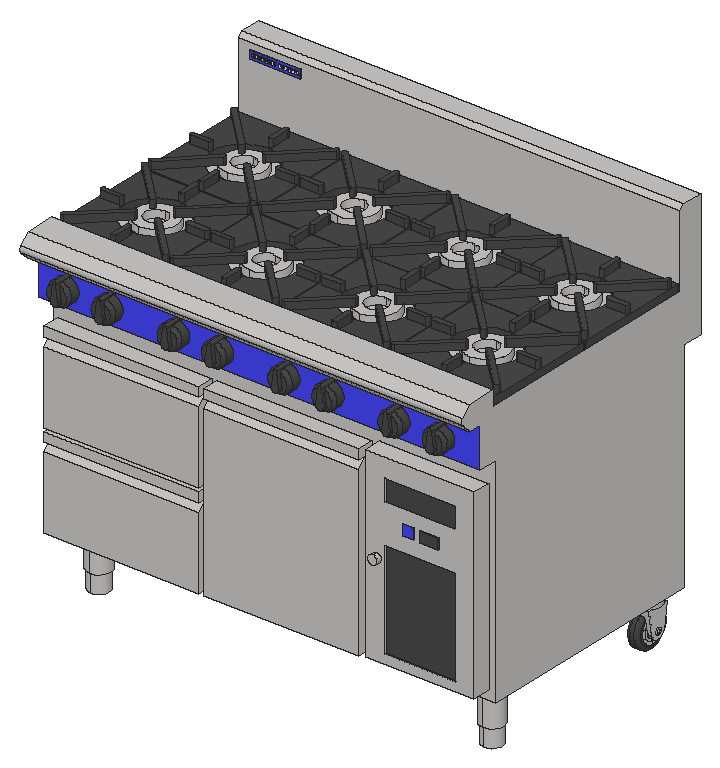
Revit family "QF_MOFFAT_BLUESEAL_CE_G518D-RB", category Specialty Equipment, Revit 2012 (continued)
Definition of nested family "GAS BURNER 1200"
  Lines and regions (mm)
    symbolic lines
      curve 6: spline (241.898, -160.1, 0) -> (240.604, -160.318, 0) -> (239.398, -160.957, 0) -> (238.362, -161.975, 0) -> (237.568, -163.3, 0) -> (237.068, -164.844, 0) -> (236.898, -166.5, 0) -> (237.068, -168.156, 0) -> (237.568, -169.7, 0) -> (238.362, -171.025, 0) -> (239.398, -172.043, 0) -> (240.604, -172.682, 0) -> (241.898, -172.9, 0)
      curve 7: line (241.898, -172.9, 0) -> (291.102, -172.9, 0)
      curve 8: spline (291.102, -172.9, 0) -> (292.396, -172.682, 0) -> (293.602, -172.043, 0) -> (294.638, -171.025, 0) -> (295.432, -169.7, 0) -> (295.932, -168.156, 0) -> (296.102, -166.5, 0) -> (295.932, -164.844, 0) -> (295.432, -163.3, 0) -> (294.638, -161.975, 0) -> (293.602, -160.957, 0) -> (292.396, -160.318, 0) -> (291.102, -160.1, 0)
      curve 9: line (306.102, -31.653, 0) -> (414.025, -139.576, 0)
      curve 10: spline (414.025, -139.576, 0) -> (415.095, -140.337, 0) -> (416.399, -140.738, 0) -> (417.851, -140.751, 0) -> (419.35, -140.375, 0) -> (420.795, -139.637, 0) -> (422.086, -138.586, 0) -> (423.137, -137.295, 0) -> (423.875, -135.85, 0) -> (424.251, -134.351, 0) -> (424.238, -132.899, 0) -> (423.837, -131.595, 0) -> (423.076, -130.525, 0)
      curve 11: line (423.076, -130.525, 0) -> (315.153, -22.602, 0)
      curve 12: spline (315.153, -22.602, 0) -> (314.084, -21.841, 0) -> (312.779, -21.441, 0) -> (311.328, -21.428, 0) -> (309.829, -21.803, 0) -> (308.384, -22.541, 0) -> (307.092, -23.592, 0) -> (306.041, -24.884, 0) -> (305.303, -26.329, 0) -> (304.928, -27.828, 0) -> (304.941, -29.279, 0) -> (305.341, -30.584, 0) -> (306.102, -31.653, 0)
      curve 13: line (443.6, -25.398, 0) -> (443.6, -74.602, 0)
      curve 14: spline (443.6, -74.602, 0) -> (443.818, -75.896, 0) -> (444.457, -77.102, 0) -> (445.475, -78.138, 0) -> (446.8, -78.932, 0) -> (448.344, -79.432, 0) -> (450, -79.602, 0) -> (451.656, -79.432, 0) -> (453.2, -78.932, 0) -> (454.525, -78.138, 0) -> (455.543, -77.102, 0) -> (456.182, -75.896, 0) -> (456.4, -74.602, 0)
      curve 15: line (456.4, -74.602, 0) -> (456.4, -25.398, 0)
      curve 16: spline (456.4, -25.398, 0) -> (456.182, -24.104, 0) -> (455.543, -22.898, 0) -> (454.525, -21.862, 0) -> (453.2, -21.068, 0) -> (451.656, -20.568, 0) -> (450, -20.398, 0) -> (448.344, -20.568, 0) -> (446.8, -21.068, 0) -> (445.475, -21.862, 0) -> (444.457, -22.898, 0) -> (443.818, -24.104, 0) -> (443.6, -25.398, 0)
      curve 17: line (584.847, -22.602, 0) -> (476.924, -130.525, 0)
      curve 18: spline (476.924, -130.525, 0) -> (476.163, -131.595, 0) -> (475.762, -132.899, 0) -> (475.749, -134.351, 0) -> (476.125, -135.85, 0) -> (476.863, -137.295, 0) -> (477.914, -138.586, 0) -> (479.205, -139.637, 0) -> (480.65, -140.375, 0) -> (482.149, -140.751, 0) -> (483.601, -140.738, 0) -> (484.905, -140.337, 0) -> (485.975, -139.576, 0)
      curve 19: line (485.975, -139.576, 0) -> (593.898, -31.653, 0)
      curve 20: spline (593.898, -31.653, 0) -> (594.819, -30.424, 0) -> (595.369, -28.97, 0) -> (595.51, -27.39, 0) -> (595.233, -25.792, 0) -> (594.557, -24.286, 0) -> (593.527, -22.973, 0) -> (592.214, -21.943, 0) -> (590.708, -21.267, 0) -> (589.11, -20.99, 0) -> (587.53, -21.131, 0) -> (586.076, -21.681, 0) -> (584.847, -22.602, 0)
      curve 21: line (591.102, -160.1, 0) -> (541.898, -160.1, 0)
      curve 22: spline (541.898, -160.1, 0) -> (540.604, -160.318, 0) -> (539.398, -160.957, 0) -> (538.362, -161.975, 0) -> (537.568, -163.3, 0) -> (537.068, -164.844, 0) -> (536.898, -166.5, 0) -> (537.068, -168.156, 0) -> (537.568, -169.7, 0) -> (538.362, -171.025, 0) -> (539.398, -172.043, 0) -> (540.604, -172.682, 0) -> (541.898, -172.9, 0)
      curve 23: line (541.898, -172.9, 0) -> (591.102, -172.9, 0)
      curve 24: spline (591.102, -172.9, 0) -> (592.396, -172.682, 0) -> (593.602, -172.043, 0) -> (594.638, -171.025, 0) -> (595.432, -169.7, 0) -> (595.932, -168.156, 0) -> (596.102, -166.5, 0) -> (595.932, -164.844, 0) -> (595.432, -163.3, 0) -> (594.638, -161.975, 0) -> (593.602, -160.957, 0) -> (592.396, -160.318, 0) -> (591.102, -160.1, 0)
      curve 25: line (593.898, -304.847, 0) -> (485.975, -193.424, 0)
      curve 26: spline (485.975, -193.424, 0) -> (484.905, -192.663, 0) -> (483.601, -192.262, 0) -> (482.149, -192.249, 0) -> (480.65, -192.625, 0) -> (479.205, -193.363, 0) -> (477.914, -194.414, 0) -> (476.863, -195.705, 0) -> (476.125, -197.15, 0) -> (475.749, -198.649, 0) -> (475.762, -200.101, 0) -> (476.163, -201.405, 0) -> (476.924, -202.475, 0)
      curve 27: line (476.924, -202.475, 0) -> (584.847, -313.898, 0)
      curve 28: spline (584.847, -313.898, 0) -> (585.916, -314.659, 0) -> (587.221, -315.059, 0) -> (588.672, -315.072, 0) -> (590.171, -314.697, 0) -> (591.616, -313.959, 0) -> (592.908, -312.908, 0) -> (593.959, -311.616, 0) -> (594.697, -310.171, 0) -> (595.072, -308.672, 0) -> (595.059, -307.221, 0) -> (594.659, -305.916, 0) -> (593.898, -304.847, 0)
      curve 29: arc (450, -223.5, 0) -> (468.725, -220.336, 0) -> (485.372, -211.197, 0) r 57
      curve 30: arc (450, -109.5, 0) -> (431.183, -112.696, 0) -> (414.475, -121.924, 0) r 57
      curve 31: arc (450.009, -84.418, 0) -> (478.534, -89.404, 0) -> (503.676, -103.773, 0) r 84.082
      curve 32: arc (450.009, -252.582, 0) -> (420.453, -247.216, 0) -> (394.669, -231.803, 0) r 84.082
      curve 33: arc (450, -136.5, 0) -> (480, -166.5, 0) -> (450, -196.5, 0) r 30
      curve 34: arc (450, -196.5, 0) -> (420, -166.5, 0) -> (450, -136.5, 0) r 30
      curve 35: arc (150, -223.5, 0) -> (168.725, -220.336, 0) -> (185.372, -211.197, 0) r 57
      curve 36: arc (150, -109.5, 0) -> (131.183, -112.696, 0) -> (114.475, -121.924, 0) r 57
      curve 37: arc (149.991, -84.418, 0) -> (178.523, -89.406, 0) -> (203.668, -103.781, 0) r 84.082
      curve 38: arc (149.991, -252.582, 0) -> (120.441, -247.219, 0) -> (94.661, -231.812, 0) r 84.082
      curve 39: line (156.4, -74.602, 0) -> (156.4, -25.398, 0)
      curve 40: spline (156.4, -25.398, 0) -> (156.182, -24.104, 0) -> (155.543, -22.898, 0) -> (154.525, -21.862, 0) -> (153.2, -21.068, 0) -> (151.656, -20.568, 0) -> (150, -20.398, 0) -> (148.344, -20.568, 0) -> (146.8, -21.068, 0) -> (145.475, -21.862, 0) -> (144.457, -22.898, 0) -> (143.818, -24.104, 0) -> (143.6, -25.398, 0)
      curve 41: line (143.6, -25.398, 0) -> (143.6, -74.602, 0)
      curve 42: spline (143.6, -74.602, 0) -> (143.818, -75.896, 0) -> (144.457, -77.102, 0) -> (145.475, -78.138, 0) -> (146.8, -78.932, 0) -> (148.344, -79.432, 0) -> (150, -79.602, 0) -> (151.656, -79.432, 0) -> (153.2, -78.932, 0) -> (154.525, -78.138, 0) -> (155.543, -77.102, 0) -> (156.182, -75.896, 0) -> (156.4, -74.602, 0)
      curve 43: line (358.102, -160.1, 0) -> (308.898, -160.1, 0)
      curve 44: spline (308.898, -160.1, 0) -> (307.604, -160.318, 0) -> (306.398, -160.957, 0) -> (305.362, -161.975, 0) -> (304.568, -163.3, 0) -> (304.068, -164.844, 0) -> (303.898, -166.5, 0) -> (304.068, -168.156, 0) -> (304.568, -169.7, 0) -> (305.362, -171.025, 0) -> (306.398, -172.043, 0) -> (307.604, -172.682, 0) -> (308.898, -172.9, 0)
      curve 45: line (308.898, -172.9, 0) -> (358.102, -172.9, 0)
      curve 46: spline (358.102, -172.9, 0) -> (359.396, -172.682, 0) -> (360.602, -172.043, 0) -> (361.638, -171.025, 0) -> (362.432, -169.7, 0) -> (362.932, -168.156, 0) -> (363.102, -166.5, 0) -> (362.932, -164.844, 0) -> (362.432, -163.3, 0) -> (361.638, -161.975, 0) -> (360.602, -160.957, 0) -> (359.396, -160.318, 0) -> (358.102, -160.1, 0)
      curve 47: line (414.025, -193.424, 0) -> (306.102, -304.847, 0)
      curve 48: spline (306.102, -304.847, 0) -> (305.341, -305.916, 0) -> (304.941, -307.221, 0) -> (304.928, -308.672, 0) -> (305.303, -310.171, 0) -> (306.041, -311.616, 0) -> (307.092, -312.908, 0) -> (308.384, -313.959, 0) -> (309.829, -314.697, 0) -> (311.328, -315.072, 0) -> (312.779, -315.059, 0) -> (314.084, -314.659, 0) -> (315.153, -313.898, 0)
      curve 49: line (315.153, -313.898, 0) -> (423.076, -202.475, 0)
      curve 50: spline (423.076, -202.475, 0) -> (423.837, -201.405, 0) -> (424.238, -200.101, 0) -> (424.251, -198.649, 0) -> (423.875, -197.15, 0) -> (423.137, -195.705, 0) -> (422.086, -194.414, 0) -> (420.795, -193.363, 0) -> (419.35, -192.625, 0) -> (417.851, -192.249, 0) -> (416.399, -192.262, 0) -> (415.095, -192.663, 0) -> (414.025, -193.424, 0)
      curve 51: line (456.4, -311.102, 0) -> (456.4, -261.898, 0)
      curve 52: spline (456.4, -261.898, 0) -> (456.182, -260.604, 0) -> (455.543, -259.398, 0) -> (454.525, -258.362, 0) -> (453.2, -257.568, 0) -> (451.656, -257.068, 0) -> (450, -256.898, 0) -> (448.344, -257.068, 0) -> (446.8, -257.568, 0) -> (445.475, -258.362, 0) -> (444.457, -259.398, 0) -> (443.818, -260.604, 0) -> (443.6, -261.898, 0)
      curve 53: line (443.6, -261.898, 0) -> (443.6, -311.102, 0)
      curve 54: spline (443.6, -311.102, 0) -> (443.818, -312.396, 0) -> (444.457, -313.602, 0) -> (445.475, -314.638, 0) -> (446.8, -315.432, 0) -> (448.344, -315.932, 0) -> (450, -316.102, 0) -> (451.656, -315.932, 0) -> (453.2, -315.432, 0) -> (454.525, -314.638, 0) -> (455.543, -313.602, 0) -> (456.182, -312.396, 0) -> (456.4, -311.102, 0)
      curve 55: line (596, 0, 0) -> (304, 0, 0)
      curve 56: arc (304, 0, 0) -> (301.879, -0.879, 0) -> (301, -3, 0) r 3
      curve 57: line (301, -3, 0) -> (301, -315.5, 0)
      curve 58: arc (301, -315.5, 0) -> (301.879, -317.621, 0) -> (304, -318.5, 0) r 3
      curve 59: line (304, -318.5, 0) -> (596, -318.5, 0)
      curve 60: arc (596, -318.5, 0) -> (598.121, -317.621, 0) -> (599, -315.5, 0) r 3
      curve 61: line (599, -315.5, 0) -> (599, -3, 0)
      curve 62: arc (599, -3, 0) -> (598.121, -0.879, 0) -> (596, 0, 0) r 3
      curve 63: line (296, 0, 0) -> (4, 0, 0)
      curve 64: arc (4, 0, 0) -> (1.879, -0.879, 0) -> (1, -3, 0) r 3
      curve 65: line (1, -3, 0) -> (1, -315.5, 0)
      curve 66: arc (1, -315.5, 0) -> (1.879, -317.621, 0) -> (4, -318.5, 0) r 3
      curve 67: line (4, -318.5, 0) -> (296, -318.5, 0)
      curve 68: arc (296, -318.5, 0) -> (298.121, -317.621, 0) -> (299, -315.5, 0) r 3
      curve 69: line (299, -315.5, 0) -> (299, -3, 0)
      curve 70: arc (299, -3, 0) -> (298.121, -0.879, 0) -> (296, 0, 0) r 3
      curve 71: line (296, -321.5, 0) -> (4, -321.5, 0)
      curve 72: arc (4, -321.5, 0) -> (1.879, -322.379, 0) -> (1, -324.5, 0) r 3
      curve 73: line (1, -324.5, 0) -> (1, -632, 0)
      curve 74: arc (1, -632, 0) -> (1.879, -634.121, 0) -> (4, -635, 0) r 3
      curve 75: line (4, -635, 0) -> (296, -635, 0)
      curve 76: arc (296, -635, 0) -> (298.121, -634.121, 0) -> (299, -632, 0) r 3
      curve 77: line (299, -632, 0) -> (299, -324.5, 0)
      curve 78: arc (299, -324.5, 0) -> (298.121, -322.379, 0) -> (296, -321.5, 0) r 3
      curve 79: line (596, -321.5, 0) -> (304, -321.5, 0)
      curve 80: arc (304, -321.5, 0) -> (301.879, -322.379, 0) -> (301, -324.5, 0) r 3
      curve 81: line (301, -324.5, 0) -> (301, -632, 0)
      curve 82: arc (301, -632, 0) -> (301.879, -634.121, 0) -> (304, -635, 0) r 3
      curve 83: line (304, -635, 0) -> (596, -635, 0)
      curve 84: arc (596, -635, 0) -> (598.121, -634.121, 0) -> (599, -632, 0) r 3
      curve 85: line (599, -632, 0) -> (599, -324.5, 0)
      curve 86: arc (599, -324.5, 0) -> (598.121, -322.379, 0) -> (596, -321.5, 0) r 3
      curve 87: line (293.898, -304.847, 0) -> (185.975, -193.424, 0)
      curve 88: spline (185.975, -193.424, 0) -> (184.905, -192.663, 0) -> (183.601, -192.262, 0) -> (182.149, -192.249, 0) -> (180.65, -192.625, 0) -> (179.205, -193.363, 0) -> (177.914, -194.414, 0) -> (176.863, -195.705, 0) -> (176.125, -197.15, 0) -> (175.749, -198.649, 0) -> (175.762, -200.101, 0) -> (176.163, -201.405, 0) -> (176.924, -202.475, 0)
      curve 89: line (176.924, -202.475, 0) -> (284.847, -313.898, 0)
      curve 90: spline (284.847, -313.898, 0) -> (285.916, -314.659, 0) -> (287.221, -315.059, 0) -> (288.672, -315.072, 0) -> (290.171, -314.697, 0) -> (291.616, -313.959, 0) -> (292.908, -312.908, 0) -> (293.959, -311.616, 0) -> (294.697, -310.171, 0) -> (295.072, -308.672, 0) -> (295.059, -307.221, 0) -> (294.659, -305.916, 0) -> (293.898, -304.847, 0)
      curve 91: line (15.153, -313.898, 0) -> (123.076, -202.475, 0)
      curve 92: spline (123.076, -202.475, 0) -> (123.837, -201.405, 0) -> (124.238, -200.101, 0) -> (124.251, -198.649, 0) -> (123.875, -197.15, 0) -> (123.137, -195.705, 0) -> (122.086, -194.414, 0) -> (120.795, -193.363, 0) -> (119.35, -192.625, 0) -> (117.851, -192.249, 0) -> (116.399, -192.262, 0) -> (115.095, -192.663, 0) -> (114.025, -193.424, 0)
      curve 93: line (114.025, -193.424, 0) -> (6.102, -304.847, 0)
      curve 94: spline (6.102, -304.847, 0) -> (5.341, -305.916, 0) -> (4.941, -307.221, 0) -> (4.928, -308.672, 0) -> (5.303, -310.171, 0) -> (6.041, -311.616, 0) -> (7.092, -312.908, 0) -> (8.384, -313.959, 0) -> (9.829, -314.697, 0) -> (11.328, -315.072, 0) -> (12.779, -315.059, 0) -> (14.084, -314.659, 0) -> (15.153, -313.898, 0)
      curve 95: line (8.898, -172.9, 0) -> (58.102, -172.9, 0)
      curve 96: spline (58.102, -172.9, 0) -> (59.396, -172.682, 0) -> (60.602, -172.043, 0) -> (61.638, -171.025, 0) -> (62.432, -169.7, 0) -> (62.932, -168.156, 0) -> (63.102, -166.5, 0) -> (62.932, -164.844, 0) -> (62.432, -163.3, 0) -> (61.638, -161.975, 0) -> (60.602, -160.957, 0) -> (59.396, -160.318, 0) -> (58.102, -160.1, 0)
      curve 97: line (58.102, -160.1, 0) -> (8.898, -160.1, 0)
      curve 98: spline (8.898, -160.1, 0) -> (7.604, -160.318, 0) -> (6.398, -160.957, 0) -> (5.362, -161.975, 0) -> (4.568, -163.3, 0) -> (4.068, -164.844, 0) -> (3.898, -166.5, 0) -> (4.068, -168.156, 0) -> (4.568, -169.7, 0) -> (5.362, -171.025, 0) -> (6.398, -172.043, 0) -> (7.604, -172.682, 0) -> (8.898, -172.9, 0)
      curve 99: line (6.102, -31.653, 0) -> (114.025, -139.576, 0)
      curve 100: spline (114.025, -139.576, 0) -> (115.095, -140.337, 0) -> (116.399, -140.738, 0) -> (117.851, -140.751, 0) -> (119.35, -140.375, 0) -> (120.795, -139.637, 0) -> (122.086, -138.586, 0) -> (123.137, -137.295, 0) -> (123.875, -135.85, 0) -> (124.251, -134.351, 0) -> (124.238, -132.899, 0) -> (123.837, -131.595, 0) -> (123.076, -130.525, 0)
      curve 101: line (123.076, -130.525, 0) -> (15.153, -22.602, 0)
      curve 102: spline (15.153, -22.602, 0) -> (13.924, -21.681, 0) -> (12.47, -21.131, 0) -> (10.89, -20.99, 0) -> (9.292, -21.267, 0) -> (7.786, -21.943, 0) -> (6.473, -22.973, 0) -> (5.443, -24.286, 0) -> (4.767, -25.792, 0) -> (4.49, -27.39, 0) -> (4.631, -28.97, 0) -> (5.181, -30.424, 0) -> (6.102, -31.653, 0)
      curve 103: arc (150, -136.5, 0) -> (180, -166.5, 0) -> (150, -196.5, 0) r 30
      curve 104: arc (150, -196.5, 0) -> (120, -166.5, 0) -> (150, -136.5, 0) r 30
      curve 105: line (156.4, -311.102, 0) -> (156.4, -261.898, 0)
      curve 106: spline (156.4, -261.898, 0) -> (156.182, -260.604, 0) -> (155.543, -259.398, 0) -> (154.525, -258.362, 0) -> (153.2, -257.568, 0) -> (151.656, -257.068, 0) -> (150, -256.898, 0) -> (148.344, -257.068, 0) -> (146.8, -257.568, 0) -> (145.475, -258.362, 0) -> (144.457, -259.398, 0) -> (143.818, -260.604, 0) -> (143.6, -261.898, 0)
      curve 107: line (143.6, -261.898, 0) -> (143.6, -311.102, 0)
      curve 108: spline (143.6, -311.102, 0) -> (143.818, -312.396, 0) -> (144.457, -313.602, 0) -> (145.475, -314.638, 0) -> (146.8, -315.432, 0) -> (148.344, -315.932, 0) -> (150, -316.102, 0) -> (151.656, -315.932, 0) -> (153.2, -315.432, 0) -> (154.525, -314.638, 0) -> (155.543, -313.602, 0) -> (156.182, -312.396, 0) -> (156.4, -311.102, 0)
      curve 109: line (156.4, -378.102, 0) -> (156.4, -328.898, 0)
      curve 110: spline (156.4, -328.898, 0) -> (156.182, -327.604, 0) -> (155.543, -326.398, 0) -> (154.525, -325.362, 0) -> (153.2, -324.568, 0) -> (151.656, -324.068, 0) -> (150, -323.898, 0) -> (148.344, -324.068, 0) -> (146.8, -324.568, 0) -> (145.475, -325.362, 0) -> (144.457, -326.398, 0) -> (143.818, -327.604, 0) -> (143.6, -328.898, 0)
      curve 111: line (143.6, -328.898, 0) -> (143.6, -378.102, 0)
      curve 112: spline (143.6, -378.102, 0) -> (143.818, -379.396, 0) -> (144.457, -380.602, 0) -> (145.475, -381.638, 0) -> (146.8, -382.432, 0) -> (148.344, -382.932, 0) -> (150, -383.102, 0) -> (151.656, -382.932, 0) -> (153.2, -382.432, 0) -> (154.525, -381.638, 0) -> (155.543, -380.602, 0) -> (156.182, -379.396, 0) -> (156.4, -378.102, 0)
      curve 113: line (284.847, -326.102, 0) -> (176.924, -434.025, 0)
      curve 114: spline (176.924, -434.025, 0) -> (176.163, -435.095, 0) -> (175.762, -436.399, 0) -> (175.749, -437.851, 0) -> (176.125, -439.35, 0) -> (176.863, -440.795, 0) -> (177.914, -442.086, 0) -> (179.205, -443.137, 0) -> (180.65, -443.875, 0) -> (182.149, -444.251, 0) -> (183.601, -444.238, 0) -> (184.905, -443.837, 0) -> (185.975, -443.076, 0)
      curve 115: line (185.975, -443.076, 0) -> (293.898, -335.153, 0)
      curve 116: spline (293.898, -335.153, 0) -> (294.659, -334.084, 0) -> (295.059, -332.779, 0) -> (295.072, -331.328, 0) -> (294.697, -329.829, 0) -> (293.959, -328.384, 0) -> (292.908, -327.092, 0) -> (291.616, -326.041, 0) -> (290.171, -325.303, 0) -> (288.672, -324.928, 0) -> (287.221, -324.941, 0) -> (285.916, -325.341, 0) -> (284.847, -326.102, 0)
      curve 117: line (123.076, -434.025, 0) -> (15.153, -326.102, 0)
      curve 118: spline (15.153, -326.102, 0) -> (13.924, -325.181, 0) -> (12.47, -324.631, 0) -> (10.89, -324.49, 0) -> (9.292, -324.767, 0) -> (7.786, -325.443, 0) -> (6.473, -326.473, 0) -> (5.443, -327.786, 0) -> (4.767, -329.292, 0) -> (4.49, -330.89, 0) -> (4.631, -332.47, 0) -> (5.181, -333.924, 0) -> (6.102, -335.153, 0)
      curve 119: line (6.102, -335.153, 0) -> (114.025, -443.076, 0)
      curve 120: spline (114.025, -443.076, 0) -> (115.095, -443.837, 0) -> (116.399, -444.238, 0) -> (117.851, -444.251, 0) -> (119.35, -443.875, 0) -> (120.795, -443.137, 0) -> (122.086, -442.086, 0) -> (123.137, -440.795, 0) -> (123.875, -439.35, 0) -> (124.251, -437.851, 0) -> (124.238, -436.399, 0) -> (123.837, -435.095, 0) -> (123.076, -434.025, 0)
      curve 121: line (58.102, -463.6, 0) -> (8.898, -463.6, 0)
      curve 122: spline (8.898, -463.6, 0) -> (7.604, -463.818, 0) -> (6.398, -464.457, 0) -> (5.362, -465.475, 0) -> (4.568, -466.8, 0) -> (4.068, -468.344, 0) -> (3.898, -470, 0) -> (4.068, -471.656, 0) -> (4.568, -473.2, 0) -> (5.362, -474.525, 0) -> (6.398, -475.543, 0) -> (7.604, -476.182, 0) -> (8.898, -476.4, 0)
      curve 123: line (8.898, -476.4, 0) -> (58.102, -476.4, 0)
      curve 124: spline (58.102, -476.4, 0) -> (59.396, -476.182, 0) -> (60.602, -475.543, 0) -> (61.638, -474.525, 0) -> (62.432, -473.2, 0) -> (62.932, -471.656, 0) -> (63.102, -470, 0) -> (62.932, -468.344, 0) -> (62.432, -466.8, 0) -> (61.638, -465.475, 0) -> (60.602, -464.457, 0) -> (59.396, -463.818, 0) -> (58.102, -463.6, 0)
      curve 125: line (114.025, -496.924, 0) -> (6.102, -603.347, 0)
      curve 126: spline (6.102, -603.347, 0) -> (5.341, -604.416, 0) -> (4.941, -605.721, 0) -> (4.928, -607.172, 0) -> (5.303, -608.671, 0) -> (6.041, -610.116, 0) -> (7.092, -611.408, 0) -> (8.384, -612.459, 0) -> (9.829, -613.197, 0) -> (11.328, -613.572, 0) -> (12.779, -613.559, 0) -> (14.084, -613.159, 0) -> (15.153, -612.398, 0)
      curve 127: line (15.153, -612.398, 0) -> (123.076, -505.975, 0)
      curve 128: spline (123.076, -505.975, 0) -> (123.837, -504.905, 0) -> (124.238, -503.601, 0) -> (124.251, -502.149, 0) -> (123.875, -500.65, 0) -> (123.137, -499.205, 0) -> (122.086, -497.914, 0) -> (120.795, -496.863, 0) -> (119.35, -496.125, 0) -> (117.851, -495.749, 0) -> (116.399, -495.762, 0) -> (115.095, -496.163, 0) -> (114.025, -496.924, 0)
      curve 129: line (156.4, -609.602, 0) -> (156.4, -561.898, 0)
      curve 130: spline (156.4, -561.898, 0) -> (156.182, -560.604, 0) -> (155.543, -559.398, 0) -> (154.525, -558.362, 0) -> (153.2, -557.568, 0) -> (151.656, -557.068, 0) -> (150, -556.898, 0) -> (148.344, -557.068, 0) -> (146.8, -557.568, 0) -> (145.475, -558.362, 0) -> (144.457, -559.398, 0) -> (143.818, -560.604, 0) -> (143.6, -561.898, 0)
      curve 131: line (143.6, -561.898, 0) -> (143.6, -609.602, 0)
      curve 132: spline (143.6, -609.602, 0) -> (143.818, -610.896, 0) -> (144.457, -612.102, 0) -> (145.475, -613.138, 0) -> (146.8, -613.932, 0) -> (148.344, -614.432, 0) -> (150, -614.602, 0) -> (151.656, -614.432, 0) -> (153.2, -613.932, 0) -> (154.525, -613.138, 0) -> (155.543, -612.102, 0) -> (156.182, -610.896, 0) -> (156.4, -609.602, 0)
      curve 133: line (176.924, -505.975, 0) -> (284.847, -612.398, 0)
      curve 134: spline (284.847, -612.398, 0) -> (285.916, -613.159, 0) -> (287.221, -613.559, 0) -> (288.672, -613.572, 0) -> (290.171, -613.197, 0) -> (291.616, -612.459, 0) -> (292.908, -611.408, 0) -> (293.959, -610.116, 0) -> (294.697, -608.671, 0) -> (295.072, -607.172, 0) -> (295.059, -605.721, 0) -> (294.659, -604.416, 0) -> (293.898, -603.347, 0)
      curve 135: line (293.898, -603.347, 0) -> (185.975, -496.924, 0)
      curve 136: spline (185.975, -496.924, 0) -> (184.905, -496.163, 0) -> (183.601, -495.762, 0) -> (182.149, -495.749, 0) -> (180.65, -496.125, 0) -> (179.205, -496.863, 0) -> (177.914, -497.914, 0) -> (176.863, -499.205, 0) -> (176.125, -500.65, 0) -> (175.749, -502.149, 0) -> (175.762, -503.601, 0) -> (176.163, -504.905, 0) -> (176.924, -505.975, 0)
      curve 137: arc (149.991, -384.418, 0) -> (179.687, -389.836, 0) -> (205.556, -405.393, 0) r 84.082
      curve 138: arc (149.991, -552.582, 0) -> (121.173, -547.489, 0) -> (95.845, -532.827, 0) r 84.082
      curve 139: arc (150, -523.5, 0) -> (167.666, -520.693, 0) -> (183.592, -512.55, 0) r 57
      curve 140: arc (150, -409.5, 0) -> (130.014, -413.119, 0) -> (112.566, -423.515, 0) r 57
      curve 141: arc (150, -436.5, 0) -> (180, -466.5, 0) -> (150, -496.5, 0) r 30
      curve 142: arc (150, -496.5, 0) -> (120, -466.5, 0) -> (150, -436.5, 0) r 30
      curve 143: line (291.102, -463.6, 0) -> (241.898, -463.6, 0)
      curve 144: spline (241.898, -463.6, 0) -> (240.604, -463.818, 0) -> (239.398, -464.457, 0) -> (238.362, -465.475, 0) -> (237.568, -466.8, 0) -> (237.068, -468.344, 0) -> (236.898, -470, 0) -> (237.068, -471.656, 0) -> (237.568, -473.2, 0) -> (238.362, -474.525, 0) -> (239.398, -475.543, 0) -> (240.604, -476.182, 0) -> (241.898, -476.4, 0)
      curve 145: line (241.898, -476.4, 0) -> (291.102, -476.4, 0)
      curve 146: spline (291.102, -476.4, 0) -> (292.396, -476.182, 0) -> (293.602, -475.543, 0) -> (294.638, -474.525, 0) -> (295.432, -473.2, 0) -> (295.932, -471.656, 0) -> (296.102, -470, 0) -> (295.932, -468.344, 0) -> (295.432, -466.8, 0) -> (294.638, -465.475, 0) -> (293.602, -464.457, 0) -> (292.396, -463.818, 0) -> (291.102, -463.6, 0)
      curve 147: line (423.076, -434.025, 0) -> (315.153, -326.102, 0)
      curve 148: spline (315.153, -326.102, 0) -> (314.084, -325.341, 0) -> (312.779, -324.941, 0) -> (311.328, -324.928, 0) -> (309.829, -325.303, 0) -> (308.384, -326.041, 0) -> (307.092, -327.092, 0) -> (306.041, -328.384, 0) -> (305.303, -329.829, 0) -> (304.928, -331.328, 0) -> (304.941, -332.779, 0) -> (305.341, -334.084, 0) -> (306.102, -335.153, 0)
      curve 149: line (306.102, -335.153, 0) -> (414.025, -443.076, 0)
      curve 150: spline (414.025, -443.076, 0) -> (415.095, -443.837, 0) -> (416.399, -444.238, 0) -> (417.851, -444.251, 0) -> (419.35, -443.875, 0) -> (420.795, -443.137, 0) -> (422.086, -442.086, 0) -> (423.137, -440.795, 0) -> (423.875, -439.35, 0) -> (424.251, -437.851, 0) -> (424.238, -436.399, 0) -> (423.837, -435.095, 0) -> (423.076, -434.025, 0)
      curve 151: line (443.6, -328.898, 0) -> (443.6, -378.102, 0)
      curve 152: spline (443.6, -378.102, 0) -> (443.818, -379.396, 0) -> (444.457, -380.602, 0) -> (445.475, -381.638, 0) -> (446.8, -382.432, 0) -> (448.344, -382.932, 0) -> (450, -383.102, 0) -> (451.656, -382.932, 0) -> (453.2, -382.432, 0) -> (454.525, -381.638, 0) -> (455.543, -380.602, 0) -> (456.182, -379.396, 0) -> (456.4, -378.102, 0)
      curve 153: line (456.4, -378.102, 0) -> (456.4, -328.898, 0)
      curve 154: spline (456.4, -328.898, 0) -> (456.182, -327.604, 0) -> (455.543, -326.398, 0) -> (454.525, -325.362, 0) -> (453.2, -324.568, 0) -> (451.656, -324.068, 0) -> (450, -323.898, 0) -> (448.344, -324.068, 0) -> (446.8, -324.568, 0) -> (445.475, -325.362, 0) -> (444.457, -326.398, 0) -> (443.818, -327.604, 0) -> (443.6, -328.898, 0)
      curve 155: line (584.847, -326.102, 0) -> (476.924, -434.025, 0)
      curve 156: spline (476.924, -434.025, 0) -> (476.163, -435.095, 0) -> (475.762, -436.399, 0) -> (475.749, -437.851, 0) -> (476.125, -439.35, 0) -> (476.863, -440.795, 0) -> (477.914, -442.086, 0) -> (479.205, -443.137, 0) -> (480.65, -443.875, 0) -> (482.149, -444.251, 0) -> (483.601, -444.238, 0) -> (484.905, -443.837, 0) -> (485.975, -443.076, 0)
      curve 157: line (485.975, -443.076, 0) -> (593.898, -335.153, 0)
      curve 158: spline (593.898, -335.153, 0) -> (594.819, -333.924, 0) -> (595.369, -332.47, 0) -> (595.51, -330.89, 0) -> (595.233, -329.292, 0) -> (594.557, -327.786, 0) -> (593.527, -326.473, 0) -> (592.214, -325.443, 0) -> (590.708, -324.767, 0) -> (589.11, -324.49, 0) -> (587.53, -324.631, 0) -> (586.076, -325.181, 0) -> (584.847, -326.102, 0)
      curve 159: line (591.102, -463.6, 0) -> (541.898, -463.6, 0)
      curve 160: spline (541.898, -463.6, 0) -> (540.604, -463.818, 0) -> (539.398, -464.457, 0) -> (538.362, -465.475, 0) -> (537.568, -466.8, 0) -> (537.068, -468.344, 0) -> (536.898, -470, 0) -> (537.068, -471.656, 0) -> (537.568, -473.2, 0) -> (538.362, -474.525, 0) -> (539.398, -475.543, 0) -> (540.604, -476.182, 0) -> (541.898, -476.4, 0)
      curve 161: line (541.898, -476.4, 0) -> (591.102, -476.4, 0)
      curve 162: spline (591.102, -476.4, 0) -> (592.396, -476.182, 0) -> (593.602, -475.543, 0) -> (594.638, -474.525, 0) -> (595.432, -473.2, 0) -> (595.932, -471.656, 0) -> (596.102, -470, 0) -> (595.932, -468.344, 0) -> (595.432, -466.8, 0) -> (594.638, -465.475, 0) -> (593.602, -464.457, 0) -> (592.396, -463.818, 0) -> (591.102, -463.6, 0)
      curve 163: line (593.898, -603.347, 0) -> (485.975, -496.924, 0)
      curve 164: spline (485.975, -496.924, 0) -> (484.905, -496.163, 0) -> (483.601, -495.762, 0) -> (482.149, -495.749, 0) -> (480.65, -496.125, 0) -> (479.205, -496.863, 0) -> (477.914, -497.914, 0) -> (476.863, -499.205, 0) -> (476.125, -500.65, 0) -> (475.749, -502.149, 0) -> (475.762, -503.601, 0) -> (476.163, -504.905, 0) -> (476.924, -505.975, 0)
      curve 165: line (476.924, -505.975, 0) -> (584.847, -612.398, 0)
      curve 166: spline (584.847, -612.398, 0) -> (585.916, -613.159, 0) -> (587.221, -613.559, 0) -> (588.672, -613.572, 0) -> (590.171, -613.197, 0) -> (591.616, -612.459, 0) -> (592.908, -611.408, 0) -> (593.959, -610.116, 0) -> (594.697, -608.671, 0) -> (595.072, -607.172, 0) -> (595.059, -605.721, 0) -> (594.659, -604.416, 0) -> (593.898, -603.347, 0)
      curve 167: line (315.153, -612.398, 0) -> (423.076, -505.975, 0)
      curve 168: spline (423.076, -505.975, 0) -> (423.837, -504.905, 0) -> (424.238, -503.601, 0) -> (424.251, -502.149, 0) -> (423.875, -500.65, 0) -> (423.137, -499.205, 0) -> (422.086, -497.914, 0) -> (420.795, -496.863, 0) -> (419.35, -496.125, 0) -> (417.851, -495.749, 0) -> (416.399, -495.762, 0) -> (415.095, -496.163, 0) -> (414.025, -496.924, 0)
      curve 169: line (414.025, -496.924, 0) -> (306.102, -603.347, 0)
      curve 170: spline (306.102, -603.347, 0) -> (305.341, -604.416, 0) -> (304.941, -605.721, 0) -> (304.928, -607.172, 0) -> (305.303, -608.671, 0) -> (306.041, -610.116, 0) -> (307.092, -611.408, 0) -> (308.384, -612.459, 0) -> (309.829, -613.197, 0) -> (311.328, -613.572, 0) -> (312.779, -613.559, 0) -> (314.084, -613.159, 0) -> (315.153, -612.398, 0)
      curve 171: line (308.898, -476.4, 0) -> (358.102, -476.4, 0)
      curve 172: spline (358.102, -476.4, 0) -> (359.396, -476.182, 0) -> (360.602, -475.543, 0) -> (361.638, -474.525, 0) -> (362.432, -473.2, 0) -> (362.932, -471.656, 0) -> (363.102, -470, 0) -> (362.932, -468.344, 0) -> (362.432, -466.8, 0) -> (361.638, -465.475, 0) -> (360.602, -464.457, 0) -> (359.396, -463.818, 0) -> (358.102, -463.6, 0)
      curve 173: line (358.102, -463.6, 0) -> (308.898, -463.6, 0)
      curve 174: spline (308.898, -463.6, 0) -> (307.604, -463.818, 0) -> (306.398, -464.457, 0) -> (305.362, -465.475, 0) -> (304.568, -466.8, 0) -> (304.068, -468.344, 0) -> (303.898, -470, 0) -> (304.068, -471.656, 0) -> (304.568, -473.2, 0) -> (305.362, -474.525, 0) -> (306.398, -475.543, 0) -> (307.604, -476.182, 0) -> (308.898, -476.4, 0)
      curve 175: line (456.4, -609.602, 0) -> (456.4, -561.898, 0)
      curve 176: spline (456.4, -561.898, 0) -> (456.182, -560.604, 0) -> (455.543, -559.398, 0) -> (454.525, -558.362, 0) -> (453.2, -557.568, 0) -> (451.656, -557.068, 0) -> (450, -556.898, 0) -> (448.344, -557.068, 0) -> (446.8, -557.568, 0) -> (445.475, -558.362, 0) -> (444.457, -559.398, 0) -> (443.818, -560.604, 0) -> (443.6, -561.898, 0)
      curve 177: line (443.6, -561.898, 0) -> (443.6, -609.602, 0)
      curve 178: spline (443.6, -609.602, 0) -> (443.818, -610.896, 0) -> (444.457, -612.102, 0) -> (445.475, -613.138, 0) -> (446.8, -613.932, 0) -> (448.344, -614.432, 0) -> (450, -614.602, 0) -> (451.656, -614.432, 0) -> (453.2, -613.932, 0) -> (454.525, -613.138, 0) -> (455.543, -612.102, 0) -> (456.182, -610.896, 0) -> (456.4, -609.602, 0)
      curve 179: arc (450.009, -384.418, 0) -> (479.699, -389.834, 0) -> (505.564, -405.385, 0) r 84.082
      curve 180: arc (450.009, -552.582, 0) -> (417.885, -546.204, 0) -> (390.635, -528.036, 0) r 84.082
      curve 181: arc (450, -523.5, 0) -> (467.666, -520.693, 0) -> (483.592, -512.55, 0) r 57
      curve 182: arc (450, -409.5, 0) -> (430.014, -413.119, 0) -> (412.566, -423.515, 0) r 57
      curve 183: arc (450, -436.5, 0) -> (480, -466.5, 0) -> (450, -496.5, 0) r 30
      curve 184: arc (450, -496.5, 0) -> (420, -466.5, 0) -> (450, -436.5, 0) r 30
      curve 185: arc (96.324, -103.773, 0) -> (121.466, -89.404, 0) -> (149.991, -84.418, 0) r 84.082
      curve 186: arc (212.871, -112.68, 0) -> (234.066, -167.408, 0) -> (214.3, -222.668, 0) r 84.082
      curve 187: arc (194.454, -202.178, 0) -> (207, -166.598, 0) -> (194.576, -130.975, 0) r 57
      curve 188: arc (114.628, -211.197, 0) -> (131.275, -220.336, 0) -> (150, -223.5, 0) r 57
      curve 189: arc (405.424, -130.975, 0) -> (393, -166.598, 0) -> (405.546, -202.178, 0) r 57
      curve 190: arc (485.525, -121.924, 0) -> (468.817, -112.696, 0) -> (450, -109.5, 0) r 57
      curve 191: arc (494.454, -202.178, 0) -> (507, -166.598, 0) -> (494.576, -130.975, 0) r 57
      curve 192: arc (414.628, -211.197, 0) -> (431.275, -220.336, 0) -> (450, -223.5, 0) r 57
      curve 193: arc (105.424, -130.975, 0) -> (93, -166.598, 0) -> (105.546, -202.178, 0) r 57
      curve 194: arc (514.501, -414.55, 0) -> (534.086, -469.429, 0) -> (513.293, -523.862, 0) r 84.082
      curve 195: arc (504.155, -532.827, 0) -> (478.827, -547.489, 0) -> (450.009, -552.582, 0) r 84.082
      curve 196: arc (493.031, -503.881, 0) -> (506.947, -468.956, 0) -> (496.089, -432.962, 0) r 57
      curve 197: arc (416.408, -512.55, 0) -> (432.334, -520.693, 0) -> (450, -523.5, 0) r 57
      curve 198: arc (403.911, -432.962, 0) -> (393.053, -468.956, 0) -> (406.969, -503.881, 0) r 57
      curve 199: arc (487.434, -423.515, 0) -> (469.986, -413.119, 0) -> (450, -409.5, 0) r 57
      curve 200: arc (187.434, -423.515, 0) -> (169.986, -413.119, 0) -> (150, -409.5, 0) r 57
      curve 201: arc (103.911, -432.962, 0) -> (93.053, -468.956, 0) -> (106.969, -503.881, 0) r 57
      curve 202: arc (109.732, -506.842, 0) -> (110.614, -507.704, 0) -> (111.516, -508.547, 0) r 57
      curve 203: arc (193.031, -503.881, 0) -> (206.947, -468.956, 0) -> (196.089, -432.962, 0) r 57
      curve 204: arc (214.491, -414.56, 0) -> (234.068, -469.429, 0) -> (213.283, -523.853, 0) r 84.082
      curve 205: arc (94.436, -405.385, 0) -> (120.301, -389.834, 0) -> (149.991, -384.418, 0) r 84.082
      curve 206: arc (86.707, -523.862, 0) -> (65.914, -469.429, 0) -> (85.499, -414.55, 0) r 84.082
      curve 207: arc (116.408, -512.55, 0) -> (132.334, -520.693, 0) -> (150, -523.5, 0) r 57
      curve 208: arc (204.147, -532.819, 0) -> (178.816, -547.487, 0) -> (149.991, -552.582, 0) r 84.082
      curve 209: arc (394.444, -405.393, 0) -> (420.313, -389.836, 0) -> (450.009, -384.418, 0) r 84.082
      curve 210: arc (390.635, -528.036, 0) -> (366.012, -472.294, 0) -> (385.509, -414.56, 0) r 84.082
      curve 211: arc (185.525, -121.924, 0) -> (168.817, -112.696, 0) -> (150, -109.5, 0) r 57
      curve 212: arc (396.332, -103.781, 0) -> (421.477, -89.406, 0) -> (450.009, -84.418, 0) r 84.082
      curve 213: arc (512.881, -112.67, 0) -> (534.084, -167.408, 0) -> (514.31, -222.678, 0) r 84.082
      curve 214: arc (505.339, -231.812, 0) -> (479.559, -247.219, 0) -> (450.009, -252.582, 0) r 84.082
      curve 215: arc (385.7, -222.668, 0) -> (365.934, -167.408, 0) -> (387.129, -112.68, 0) r 84.082
      curve 216: arc (205.331, -231.803, 0) -> (179.547, -247.216, 0) -> (149.991, -252.582, 0) r 84.082
      curve 217: arc (85.69, -222.678, 0) -> (65.916, -167.408, 0) -> (87.119, -112.67, 0) r 84.082
      curve 218: spline (724.076, -130.525, 0) -> (724.837, -131.595, 0) -> (725.238, -132.899, 0) -> (725.251, -134.351, 0) -> (724.875, -135.85, 0) -> (724.137, -137.295, 0) -> (723.086, -138.586, 0) -> (721.795, -139.637, 0) -> (720.35, -140.375, 0) -> (718.851, -140.751, 0) -> (717.399, -140.738, 0) -> (716.095, -140.337, 0) -> (715.025, -139.576, 0)
      curve 219: spline (659.102, -160.1, 0) -> (660.396, -160.318, 0) -> (661.602, -160.957, 0) -> (662.638, -161.975, 0) -> (663.432, -163.3, 0) -> (663.932, -164.844, 0) -> (664.102, -166.5, 0) -> (663.932, -168.156, 0) -> (663.432, -169.7, 0) -> (662.638, -171.025, 0) -> (661.602, -172.043, 0) -> (660.396, -172.682, 0) -> (659.102, -172.9, 0)
      curve 220: arc (751, -223.5, 0) -> (732.275, -220.336, 0) -> (715.628, -211.197, 0) r 57
      curve 221: arc (751, -109.5, 0) -> (769.817, -112.696, 0) -> (786.525, -121.924, 0) r 57
      curve 222: arc (751.009, -84.418, 0) -> (722.477, -89.406, 0) -> (697.332, -103.781, 0) r 84.082
      curve 223: arc (751.009, -252.582, 0) -> (780.559, -247.219, 0) -> (806.339, -231.812, 0) r 84.082
      curve 224: line (744.6, -74.602, 0) -> (744.6, -25.398, 0)
      curve 225: spline (744.6, -25.398, 0) -> (744.818, -24.104, 0) -> (745.457, -22.898, 0) -> (746.475, -21.862, 0) -> (747.8, -21.068, 0) -> (749.344, -20.568, 0) -> (751, -20.398, 0) -> (752.656, -20.568, 0) -> (754.2, -21.068, 0) -> (755.525, -21.862, 0) -> (756.543, -22.898, 0) -> (757.182, -24.104, 0) -> (757.4, -25.398, 0)
      curve 226: line (757.4, -25.398, 0) -> (757.4, -74.602, 0)
      curve 227: spline (757.4, -74.602, 0) -> (757.182, -75.896, 0) -> (756.543, -77.102, 0) -> (755.525, -78.138, 0) -> (754.2, -78.932, 0) -> (752.656, -79.432, 0) -> (751, -79.602, 0) -> (749.344, -79.432, 0) -> (747.8, -78.932, 0) -> (746.475, -78.138, 0) -> (745.457, -77.102, 0) -> (744.818, -75.896, 0) -> (744.6, -74.602, 0)
      curve 228: arc (897, 0, 0) -> (899.121, -0.879, 0) -> (900, -3, 0) r 3
      curve 229: line (900, -3, 0) -> (900, -315.5, 0)
      curve 230: arc (900, -315.5, 0) -> (899.121, -317.621, 0) -> (897, -318.5, 0) r 3
      curve 231: arc (897, -321.5, 0) -> (899.121, -322.379, 0) -> (900, -324.5, 0) r 3
      curve 232: line (900, -324.5, 0) -> (900, -632, 0)
      curve 233: arc (900, -632, 0) -> (899.121, -634.121, 0) -> (897, -635, 0) r 3
      curve 234: spline (715.025, -193.424, 0) -> (716.095, -192.663, 0) -> (717.399, -192.262, 0) -> (718.851, -192.249, 0) -> (720.35, -192.625, 0) -> (721.795, -193.363, 0) -> (723.086, -194.414, 0) -> (724.137, -195.705, 0) -> (724.875, -197.15, 0) -> (725.251, -198.649, 0) -> (725.238, -200.101, 0) -> (724.837, -201.405, 0) -> (724.076, -202.475, 0)
      curve 235: line (885.847, -313.898, 0) -> (777.924, -202.475, 0)
      curve 236: spline (777.924, -202.475, 0) -> (777.163, -201.405, 0) -> (776.762, -200.101, 0) -> (776.749, -198.649, 0) -> (777.125, -197.15, 0) -> (777.863, -195.705, 0) -> (778.914, -194.414, 0) -> (780.205, -193.363, 0) -> (781.65, -192.625, 0) -> (783.149, -192.249, 0) -> (784.601, -192.262, 0) -> (785.905, -192.663, 0) -> (786.975, -193.424, 0)
      curve 237: line (786.975, -193.424, 0) -> (894.898, -304.847, 0)
      curve 238: spline (894.898, -304.847, 0) -> (895.659, -305.916, 0) -> (896.059, -307.221, 0) -> (896.072, -308.672, 0) -> (895.697, -310.171, 0) -> (894.959, -311.616, 0) -> (893.908, -312.908, 0) -> (892.616, -313.959, 0) -> (891.171, -314.697, 0) -> (889.672, -315.072, 0) -> (888.221, -315.059, 0) -> (886.916, -314.659, 0) -> (885.847, -313.898, 0)
      curve 239: line (892.102, -172.9, 0) -> (842.898, -172.9, 0)
      curve 240: spline (842.898, -172.9, 0) -> (841.604, -172.682, 0) -> (840.398, -172.043, 0) -> (839.362, -171.025, 0) -> (838.568, -169.7, 0) -> (838.068, -168.156, 0) -> (837.898, -166.5, 0) -> (838.068, -164.844, 0) -> (838.568, -163.3, 0) -> (839.362, -161.975, 0) -> (840.398, -160.957, 0) -> (841.604, -160.318, 0) -> (842.898, -160.1, 0)
      curve 241: line (842.898, -160.1, 0) -> (892.102, -160.1, 0)
      curve 242: spline (892.102, -160.1, 0) -> (893.396, -160.318, 0) -> (894.602, -160.957, 0) -> (895.638, -161.975, 0) -> (896.432, -163.3, 0) -> (896.932, -164.844, 0) -> (897.102, -166.5, 0) -> (896.932, -168.156, 0) -> (896.432, -169.7, 0) -> (895.638, -171.025, 0) -> (894.602, -172.043, 0) -> (893.396, -172.682, 0) -> (892.102, -172.9, 0)
      curve 243: line (894.898, -31.653, 0) -> (786.975, -139.576, 0)
      curve 244: spline (786.975, -139.576, 0) -> (785.905, -140.337, 0) -> (784.601, -140.738, 0) -> (783.149, -140.751, 0) -> (781.65, -140.375, 0) -> (780.205, -139.637, 0) -> (778.914, -138.586, 0) -> (777.863, -137.295, 0) -> (777.125, -135.85, 0) -> (776.749, -134.351, 0) -> (776.762, -132.899, 0) -> (777.163, -131.595, 0) -> (777.924, -130.525, 0)
      curve 245: line (777.924, -130.525, 0) -> (885.847, -22.602, 0)
      curve 246: spline (885.847, -22.602, 0) -> (887.076, -21.681, 0) -> (888.53, -21.131, 0) -> (890.11, -20.99, 0) -> (891.708, -21.267, 0) -> (893.214, -21.943, 0) -> (894.527, -22.973, 0) -> (895.557, -24.286, 0) -> (896.233, -25.792, 0) -> (896.51, -27.39, 0) -> (896.369, -28.97, 0) -> (895.819, -30.424, 0) -> (894.898, -31.653, 0)
      curve 247: arc (751, -136.5, 0) -> (721, -166.5, 0) -> (751, -196.5, 0) r 30
      curve 248: arc (751, -196.5, 0) -> (781, -166.5, 0) -> (751, -136.5, 0) r 30
      curve 249: line (744.6, -311.102, 0) -> (744.6, -261.898, 0)
      curve 250: spline (744.6, -261.898, 0) -> (744.818, -260.604, 0) -> (745.457, -259.398, 0) -> (746.475, -258.362, 0) -> (747.8, -257.568, 0) -> (749.344, -257.068, 0) -> (751, -256.898, 0) -> (752.656, -257.068, 0) -> (754.2, -257.568, 0) -> (755.525, -258.362, 0) -> (756.543, -259.398, 0) -> (757.182, -260.604, 0) -> (757.4, -261.898, 0)
      curve 251: line (757.4, -261.898, 0) -> (757.4, -311.102, 0)
      curve 252: spline (757.4, -311.102, 0) -> (757.182, -312.396, 0) -> (756.543, -313.602, 0) -> (755.525, -314.638, 0) -> (754.2, -315.432, 0) -> (752.656, -315.932, 0) -> (751, -316.102, 0) -> (749.344, -315.932, 0) -> (747.8, -315.432, 0) -> (746.475, -314.638, 0) -> (745.457, -313.602, 0) -> (744.818, -312.396, 0) -> (744.6, -311.102, 0)
      curve 253: line (744.6, -378.102, 0) -> (744.6, -328.898, 0)
      curve 254: spline (744.6, -328.898, 0) -> (744.818, -327.604, 0) -> (745.457, -326.398, 0) -> (746.475, -325.362, 0) -> (747.8, -324.568, 0) -> (749.344, -324.068, 0) -> (751, -323.898, 0) -> (752.656, -324.068, 0) -> (754.2, -324.568, 0) -> (755.525, -325.362, 0) -> (756.543, -326.398, 0) -> (757.182, -327.604, 0) -> (757.4, -328.898, 0)
      curve 255: line (757.4, -328.898, 0) -> (757.4, -378.102, 0)
      curve 256: spline (757.4, -378.102, 0) -> (757.182, -379.396, 0) -> (756.543, -380.602, 0) -> (755.525, -381.638, 0) -> (754.2, -382.432, 0) -> (752.656, -382.932, 0) -> (751, -383.102, 0) -> (749.344, -382.932, 0) -> (747.8, -382.432, 0) -> (746.475, -381.638, 0) -> (745.457, -380.602, 0) -> (744.818, -379.396, 0) -> (744.6, -378.102, 0)
      curve 257: spline (724.076, -434.025, 0) -> (724.837, -435.095, 0) -> (725.238, -436.399, 0) -> (725.251, -437.851, 0) -> (724.875, -439.35, 0) -> (724.137, -440.795, 0) -> (723.086, -442.086, 0) -> (721.795, -443.137, 0) -> (720.35, -443.875, 0) -> (718.851, -444.251, 0) -> (717.399, -444.238, 0) -> (716.095, -443.837, 0) -> (715.025, -443.076, 0)
      curve 258: line (777.924, -434.025, 0) -> (885.847, -326.102, 0)
      curve 259: spline (885.847, -326.102, 0) -> (887.076, -325.181, 0) -> (888.53, -324.631, 0) -> (890.11, -324.49, 0) -> (891.708, -324.767, 0) -> (893.214, -325.443, 0) -> (894.527, -326.473, 0) -> (895.557, -327.786, 0) -> (896.233, -329.292, 0) -> (896.51, -330.89, 0) -> (896.369, -332.47, 0) -> (895.819, -333.924, 0) -> (894.898, -335.153, 0)
      curve 260: line (894.898, -335.153, 0) -> (786.975, -443.076, 0)
      curve 261: spline (786.975, -443.076, 0) -> (785.905, -443.837, 0) -> (784.601, -444.238, 0) -> (783.149, -444.251, 0) -> (781.65, -443.875, 0) -> (780.205, -443.137, 0) -> (778.914, -442.086, 0) -> (777.863, -440.795, 0) -> (777.125, -439.35, 0) -> (776.749, -437.851, 0) -> (776.762, -436.399, 0) -> (777.163, -435.095, 0) -> (777.924, -434.025, 0)
      curve 262: line (842.898, -463.6, 0) -> (892.102, -463.6, 0)
      curve 263: spline (892.102, -463.6, 0) -> (893.396, -463.818, 0) -> (894.602, -464.457, 0) -> (895.638, -465.475, 0) -> (896.432, -466.8, 0) -> (896.932, -468.344, 0) -> (897.102, -470, 0) -> (896.932, -471.656, 0) -> (896.432, -473.2, 0) -> (895.638, -474.525, 0) -> (894.602, -475.543, 0) -> (893.396, -476.182, 0) -> (892.102, -476.4, 0)
      curve 264: line (892.102, -476.4, 0) -> (842.898, -476.4, 0)
      curve 265: spline (842.898, -476.4, 0) -> (841.604, -476.182, 0) -> (840.398, -475.543, 0) -> (839.362, -474.525, 0) -> (838.568, -473.2, 0) -> (838.068, -471.656, 0) -> (837.898, -470, 0) -> (838.068, -468.344, 0) -> (838.568, -466.8, 0) -> (839.362, -465.475, 0) -> (840.398, -464.457, 0) -> (841.604, -463.818, 0) -> (842.898, -463.6, 0)
      curve 266: line (786.975, -496.924, 0) -> (894.898, -603.347, 0)
      curve 267: spline (894.898, -603.347, 0) -> (895.659, -604.416, 0) -> (896.059, -605.721, 0) -> (896.072, -607.172, 0) -> (895.697, -608.671, 0) -> (894.959, -610.116, 0) -> (893.908, -611.408, 0) -> (892.616, -612.459, 0) -> (891.171, -613.197, 0) -> (889.672, -613.572, 0) -> (888.221, -613.559, 0) -> (886.916, -613.159, 0) -> (885.847, -612.398, 0)
      curve 268: line (885.847, -612.398, 0) -> (777.924, -505.975, 0)
      curve 269: spline (777.924, -505.975, 0) -> (777.163, -504.905, 0) -> (776.762, -503.601, 0) -> (776.749, -502.149, 0) -> (777.125, -500.65, 0) -> (777.863, -499.205, 0) -> (778.914, -497.914, 0) -> (780.205, -496.863, 0) -> (781.65, -496.125, 0) -> (783.149, -495.749, 0) -> (784.601, -495.762, 0) -> (785.905, -496.163, 0) -> (786.975, -496.924, 0)
      curve 270: line (744.6, -609.602, 0) -> (744.6, -561.898, 0)
      curve 271: spline (744.6, -561.898, 0) -> (744.818, -560.604, 0) -> (745.457, -559.398, 0) -> (746.475, -558.362, 0) -> (747.8, -557.568, 0) -> (749.344, -557.068, 0) -> (751, -556.898, 0) -> (752.656, -557.068, 0) -> (754.2, -557.568, 0) -> (755.525, -558.362, 0) -> (756.543, -559.398, 0) -> (757.182, -560.604, 0) -> (757.4, -561.898, 0)
      curve 272: line (757.4, -561.898, 0) -> (757.4, -609.602, 0)
      curve 273: spline (757.4, -609.602, 0) -> (757.182, -610.896, 0) -> (756.543, -612.102, 0) -> (755.525, -613.138, 0) -> (754.2, -613.932, 0) -> (752.656, -614.432, 0) -> (751, -614.602, 0) -> (749.344, -614.432, 0) -> (747.8, -613.932, 0) -> (746.475, -613.138, 0) -> (745.457, -612.102, 0) -> (744.818, -610.896, 0) -> (744.6, -609.602, 0)
      curve 274: spline (715.025, -496.924, 0) -> (716.095, -496.163, 0) -> (717.399, -495.762, 0) -> (718.851, -495.749, 0) -> (720.35, -496.125, 0) -> (721.795, -496.863, 0) -> (723.086, -497.914, 0) -> (724.137, -499.205, 0) -> (724.875, -500.65, 0) -> (725.251, -502.149, 0) -> (725.238, -503.601, 0) -> (724.837, -504.905, 0) -> (724.076, -505.975, 0)
      curve 275: arc (751.009, -384.418, 0) -> (721.313, -389.836, 0) -> (695.444, -405.393, 0) r 84.082
      curve 276: arc (751.009, -552.582, 0) -> (779.827, -547.489, 0) -> (805.155, -532.827, 0) r 84.082
      curve 277: arc (751, -523.5, 0) -> (733.334, -520.693, 0) -> (717.408, -512.55, 0) r 57
      curve 278: arc (751, -409.5, 0) -> (770.986, -413.119, 0) -> (788.434, -423.515, 0) r 57
      curve 279: arc (751, -436.5, 0) -> (721, -466.5, 0) -> (751, -496.5, 0) r 30
      curve 280: arc (751, -496.5, 0) -> (781, -466.5, 0) -> (751, -436.5, 0) r 30
      curve 281: spline (659.102, -463.6, 0) -> (660.396, -463.818, 0) -> (661.602, -464.457, 0) -> (662.638, -465.475, 0) -> (663.432, -466.8, 0) -> (663.932, -468.344, 0) -> (664.102, -470, 0) -> (663.932, -471.656, 0) -> (663.432, -473.2, 0) -> (662.638, -474.525, 0) -> (661.602, -475.543, 0) -> (660.396, -476.182, 0) -> (659.102, -476.4, 0)
      curve 282: arc (804.676, -103.773, 0) -> (779.534, -89.404, 0) -> (751.009, -84.418, 0) r 84.082
      curve 283: arc (688.129, -112.68, 0) -> (666.934, -167.408, 0) -> (686.7, -222.668, 0) r 84.082
      curve 284: arc (706.546, -202.178, 0) -> (694, -166.598, 0) -> (706.424, -130.975, 0) r 57
      curve 285: arc (786.372, -211.197, 0) -> (769.725, -220.336, 0) -> (751, -223.5, 0) r 57
      curve 286: arc (795.576, -130.975, 0) -> (808, -166.598, 0) -> (795.454, -202.178, 0) r 57
      curve 287: arc (713.566, -423.515, 0) -> (731.014, -413.119, 0) -> (751, -409.5, 0) r 57
      curve 288: arc (797.089, -432.962, 0) -> (807.947, -468.956, 0) -> (794.031, -503.881, 0) r 57
      curve 289: arc (791.268, -506.842, 0) -> (790.386, -507.704, 0) -> (789.484, -508.547, 0) r 57
      curve 290: arc (707.969, -503.881, 0) -> (694.053, -468.956, 0) -> (704.911, -432.962, 0) r 57
      curve 291: arc (686.509, -414.56, 0) -> (666.932, -469.429, 0) -> (687.717, -523.853, 0) r 84.082
      curve 292: arc (806.564, -405.385, 0) -> (780.699, -389.834, 0) -> (751.009, -384.418, 0) r 84.082
      curve 293: arc (814.293, -523.862, 0) -> (835.086, -469.429, 0) -> (815.501, -414.55, 0) r 84.082
      curve 294: arc (784.592, -512.55, 0) -> (768.666, -520.693, 0) -> (751, -523.5, 0) r 57
      curve 295: arc (696.853, -532.819, 0) -> (722.184, -547.487, 0) -> (751.009, -552.582, 0) r 84.082
      curve 296: arc (715.475, -121.924, 0) -> (732.183, -112.696, 0) -> (751, -109.5, 0) r 57
      curve 297: arc (695.669, -231.803, 0) -> (721.453, -247.216, 0) -> (751.009, -252.582, 0) r 84.082
      curve 298: arc (815.31, -222.678, 0) -> (835.084, -167.408, 0) -> (813.881, -112.67, 0) r 84.082
      curve 299: line (616.153, -612.398, 0) -> (724.076, -505.975, 0)
      curve 300: line (715.025, -496.924, 0) -> (607.102, -603.347, 0)
      curve 301: spline (607.102, -603.347, 0) -> (606.341, -604.416, 0) -> (605.941, -605.721, 0) -> (605.928, -607.172, 0) -> (606.303, -608.671, 0) -> (607.041, -610.116, 0) -> (608.092, -611.408, 0) -> (609.384, -612.459, 0) -> (610.829, -613.197, 0) -> (612.328, -613.572, 0) -> (613.779, -613.559, 0) -> (615.084, -613.159, 0) -> (616.153, -612.398, 0)
      curve 302: line (602, -324.5, 0) -> (602, -632, 0)
      curve 303: arc (602, -632, 0) -> (602.879, -634.121, 0) -> (605, -635, 0) r 3
      curve 304: line (605, -635, 0) -> (897, -635, 0)
      curve 305: arc (897, -635, 0) -> (899.121, -634.121, 0) -> (900, -632, 0) r 3
      curve 306: line (900, -632, 0) -> (900, -324.5, 0)
      curve 307: arc (900, -324.5, 0) -> (899.121, -322.379, 0) -> (897, -321.5, 0) r 3
      curve 308: line (897, -321.5, 0) -> (605, -321.5, 0)
      curve 309: arc (605, -321.5, 0) -> (602.879, -322.379, 0) -> (602, -324.5, 0) r 3
      curve 310: line (609.898, -476.4, 0) -> (659.102, -476.4, 0)
      curve 311: line (659.102, -463.6, 0) -> (609.898, -463.6, 0)
      curve 312: spline (609.898, -463.6, 0) -> (608.604, -463.818, 0) -> (607.398, -464.457, 0) -> (606.362, -465.475, 0) -> (605.568, -466.8, 0) -> (605.068, -468.344, 0) -> (604.898, -470, 0) -> (605.068, -471.656, 0) -> (605.568, -473.2, 0) -> (606.362, -474.525, 0) -> (607.398, -475.543, 0) -> (608.604, -476.182, 0) -> (609.898, -476.4, 0)
      curve 313: line (607.102, -335.153, 0) -> (715.025, -443.076, 0)
      curve 314: line (724.076, -434.025, 0) -> (616.153, -326.102, 0)
      curve 315: spline (616.153, -326.102, 0) -> (615.084, -325.341, 0) -> (613.779, -324.941, 0) -> (612.328, -324.928, 0) -> (610.829, -325.303, 0) -> (609.384, -326.041, 0) -> (608.092, -327.092, 0) -> (607.041, -328.384, 0) -> (606.303, -329.829, 0) -> (605.928, -331.328, 0) -> (605.941, -332.779, 0) -> (606.341, -334.084, 0) -> (607.102, -335.153, 0)
      curve 316: line (616.153, -313.898, 0) -> (724.076, -202.475, 0)
      curve 317: spline (607.102, -304.847, 0) -> (606.341, -305.916, 0) -> (605.941, -307.221, 0) -> (605.928, -308.672, 0) -> (606.303, -310.171, 0) -> (607.041, -311.616, 0) -> (608.092, -312.908, 0) -> (609.384, -313.959, 0) -> (610.829, -314.697, 0) -> (612.328, -315.072, 0) -> (613.779, -315.059, 0) -> (615.084, -314.659, 0) -> (616.153, -313.898, 0)
      curve 318: line (715.025, -193.424, 0) -> (607.102, -304.847, 0)
      curve 319: line (605, -318.5, 0) -> (897, -318.5, 0)
      curve 320: arc (602, -315.5, 0) -> (602.879, -317.621, 0) -> (605, -318.5, 0) r 3
      curve 321: line (602, -3, 0) -> (602, -315.5, 0)
      curve 322: arc (605, 0, 0) -> (602.879, -0.879, 0) -> (602, -3, 0) r 3
      curve 323: line (609.898, -172.9, 0) -> (659.102, -172.9, 0)
      curve 324: line (659.102, -160.1, 0) -> (609.898, -160.1, 0)
      curve 325: spline (609.898, -160.1, 0) -> (608.604, -160.318, 0) -> (607.398, -160.957, 0) -> (606.362, -161.975, 0) -> (605.568, -163.3, 0) -> (605.068, -164.844, 0) -> (604.898, -166.5, 0) -> (605.068, -168.156, 0) -> (605.568, -169.7, 0) -> (606.362, -171.025, 0) -> (607.398, -172.043, 0) -> (608.604, -172.682, 0) -> (609.898, -172.9, 0)
      curve 326: line (607.102, -31.653, 0) -> (715.025, -139.576, 0)
      curve 327: line (724.076, -130.525, 0) -> (616.153, -22.602, 0)
      curve 328: spline (616.153, -22.602, 0) -> (615.084, -21.841, 0) -> (613.779, -21.441, 0) -> (612.328, -21.428, 0) -> (610.829, -21.803, 0) -> (609.384, -22.541, 0) -> (608.092, -23.592, 0) -> (607.041, -24.884, 0) -> (606.303, -26.329, 0) -> (605.928, -27.828, 0) -> (605.941, -29.279, 0) -> (606.341, -30.584, 0) -> (607.102, -31.653, 0)
      curve 329: line (897, 0, 0) -> (605, 0, 0)
      curve 330: line (915.153, -22.602, 0) -> (1023.076, -130.525, 0)
      curve 331: spline (1023.076, -130.525, 0) -> (1023.837, -131.595, 0) -> (1024.238, -132.899, 0) -> (1024.251, -134.351, 0) -> (1023.875, -135.85, 0) -> (1023.137, -137.295, 0) -> (1022.086, -138.586, 0) -> (1020.795, -139.637, 0) -> (1019.35, -140.375, 0) -> (1017.851, -140.751, 0) -> (1016.399, -140.738, 0) -> (1015.095, -140.337, 0) -> (1014.025, -139.576, 0)
      curve 332: line (1014.025, -139.576, 0) -> (906.102, -31.653, 0)
      curve 333: spline (906.102, -31.653, 0) -> (905.341, -30.584, 0) -> (904.941, -29.279, 0) -> (904.928, -27.828, 0) -> (905.303, -26.329, 0) -> (906.041, -24.884, 0) -> (907.092, -23.592, 0) -> (908.384, -22.541, 0) -> (909.829, -21.803, 0) -> (911.328, -21.428, 0) -> (912.779, -21.441, 0) -> (914.084, -21.841, 0) -> (915.153, -22.602, 0)
      curve 334: line (908.898, -160.1, 0) -> (958.102, -160.1, 0)
      curve 335: spline (958.102, -160.1, 0) -> (959.396, -160.318, 0) -> (960.602, -160.957, 0) -> (961.638, -161.975, 0) -> (962.432, -163.3, 0) -> (962.932, -164.844, 0) -> (963.102, -166.5, 0) -> (962.932, -168.156, 0) -> (962.432, -169.7, 0) -> (961.638, -171.025, 0) -> (960.602, -172.043, 0) -> (959.396, -172.682, 0) -> (958.102, -172.9, 0)
      curve 336: line (958.102, -172.9, 0) -> (908.898, -172.9, 0)
      curve 337: spline (908.898, -172.9, 0) -> (907.604, -172.682, 0) -> (906.398, -172.043, 0) -> (905.362, -171.025, 0) -> (904.568, -169.7, 0) -> (904.068, -168.156, 0) -> (903.898, -166.5, 0) -> (904.068, -164.844, 0) -> (904.568, -163.3, 0) -> (905.362, -161.975, 0) -> (906.398, -160.957, 0) -> (907.604, -160.318, 0) -> (908.898, -160.1, 0)
      curve 338: arc (1050, -223.5, 0) -> (1031.275, -220.336, 0) -> (1014.628, -211.197, 0) r 57
      curve 339: arc (1050, -109.5, 0) -> (1068.817, -112.696, 0) -> (1085.525, -121.924, 0) r 57
      curve 340: arc (1050.009, -84.418, 0) -> (1021.477, -89.406, 0) -> (996.332, -103.781, 0) r 84.082
      curve 341: arc (1050.009, -252.582, 0) -> (1079.559, -247.219, 0) -> (1105.339, -231.812, 0) r 84.082
      curve 342: line (1043.6, -74.602, 0) -> (1043.6, -25.398, 0)
      curve 343: spline (1043.6, -25.398, 0) -> (1043.818, -24.104, 0) -> (1044.457, -22.898, 0) -> (1045.475, -21.862, 0) -> (1046.8, -21.068, 0) -> (1048.344, -20.568, 0) -> (1050, -20.398, 0) -> (1051.656, -20.568, 0) -> (1053.2, -21.068, 0) -> (1054.525, -21.862, 0) -> (1055.543, -22.898, 0) -> (1056.182, -24.104, 0) -> (1056.4, -25.398, 0)
      curve 344: line (1056.4, -25.398, 0) -> (1056.4, -74.602, 0)
      curve 345: spline (1056.4, -74.602, 0) -> (1056.182, -75.896, 0) -> (1055.543, -77.102, 0) -> (1054.525, -78.138, 0) -> (1053.2, -78.932, 0) -> (1051.656, -79.432, 0) -> (1050, -79.602, 0) -> (1048.344, -79.432, 0) -> (1046.8, -78.932, 0) -> (1045.475, -78.138, 0) -> (1044.457, -77.102, 0) -> (1043.818, -75.896, 0) -> (1043.6, -74.602, 0)
